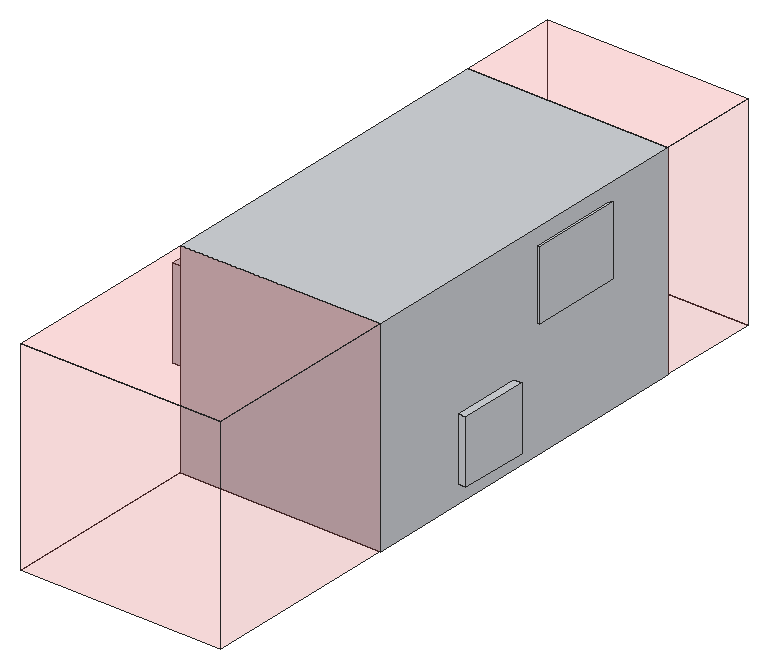
Revit family
Parameters (values of type "575 V Three Phase")
  Weight Scheduled [instance] = 2115  # constant formula
  Voltage Workaround = Voltage / 1 V  # 575
  Voltage Scheduled = Voltage  # 575 V
  Voltage = 575 V
  VoltAmps Workaround [instance] = Voltage Workaround * Total FLA * sqrt(Phase)  # 0
  VoltAmps [instance] = VoltAmps Workaround * 1 VA  # 0 VA
  VFD [instance] = yes
  URL = "http://www.renewaire.com/products/commercial-products/indoor-models/le6xinv"
  Total FLA [instance] = if(or(Supply Motor BHP = 0, Exhaust Motor BHP = 0), 0, (Supply Motor FLA * Supply Motor Count) + (Exhaust Motor FLA * Exhaust Motor Count))  # 0
  Supply Motor RPM Scheduled [instance] = Supply Motor RPM  # 0
  Supply Motor RPM [instance] = if(and(or(Supply ESP = 0, Supply ESP > 0), Supply ESP < 0.25), if(Supply Motor HP = 3, if(Supply CFM > 5050 CFM, 0, if(Supply CFM > 4740 CFM, 837, if(Supply CFM > 4470 CFM, 796, if(Supply CFM > 4230 CFM, 755, if(Supply CFM > 4040 CFM, 714, if(Supply CFM > 3890 CFM, 673, 632)))))), if(Supply Motor HP = 5, if(Supply CFM > 5900 CFM, 0, if(Supply CFM > 5540 CFM, 940, if(Supply CFM > 5210 CFM, 898, if(Supply CFM > 4880 CFM, 857, if(Supply CFM > 4590 CFM, 815, 773))))), if(Supply Motor HP = 7.5, if(Supply CFM > 6600 CFM, 0, if(Supply CFM > 6420 CFM, 1041, 1000)), 0))), if(and(or(Supply ESP = 0.25, Supply ESP > 0.25), Supply ESP < 0.5), if(Supply Motor HP = 3, if(Supply CFM > 4740 CFM, 0, if(Supply CFM > 4420 CFM, 837, if(Supply CFM > 4130 CFM, 796, if(Supply CFM > 3890 CFM, 755, if(Supply CFM > 3700 CFM, 714, if(Supply CFM > 3560 CFM, 673, 632)))))), if(Supply Motor HP = 5, if(Supply CFM > 6020 CFM, 0, if(Supply CFM > 5640 CFM, 982, if(Supply CFM > 5270 CFM, 940, if(Supply CFM > 4910 CFM, 898, if(Supply CFM > 4570 CFM, 857, if(Supply CFM > 4250 CFM, 815, 773)))))), if(Supply Motor HP = 7.5, if(Supply CFM > 6560 CFM, 0, if(Supply CFM > 6180 CFM, 1041, 1000)), 0))), if(and(or(Supply ESP = 0.5, Supply ESP > 0.5), Supply ESP < 0.75), if(Supply Motor HP = 3, if(Supply CFM > 4340 CFM, 0, if(Supply CFM > 3970 CFM, 837, if(Supply CFM > 3650 CFM, 796, if(Supply CFM > 3370 CFM, 755, if(Supply CFM > 3160 CFM, 714, if(Supply CFM > 3000 CFM, 673, 632)))))), if(Supply Motor HP = 5, if(Supply CFM > 5730 CFM, 0, if(Supply CFM > 5330 CFM, 982, if(Supply CFM > 4920 CFM, 940, if(Supply CFM > 4530 CFM, 898, if(Supply CFM > 4140 CFM, 857, if(Supply CFM > 3780 CFM, 815, 773)))))), if(Supply Motor HP = 7.5, if(Supply CFM > 6600 CFM, 0, if(Supply CFM > 6280 CFM, 1082, if(Supply CFM > 5890 CFM, 1041, 1000))), 0))), if(and(or(Supply ESP = 0.75, Supply ESP > 0.75), Supply ESP < 1), if(Supply Motor HP = 3, if(Supply CFM > 3700 CFM, 0, if(Supply CFM > 3150 CFM, 837, if(Supply CFM > 2490 CFM, 796, 755))), if(Supply Motor HP = 5, if(Supply CFM > 5370 CFM, 0, if(Supply CFM > 4930 CFM, 982, if(Supply CFM > 4450 CFM, 940, if(Supply CFM > 3950 CFM, 898, if(Supply CFM > 3410 CFM, 857, if(Supply CFM > 2810 CFM, 815, 773)))))), if(Supply Motor HP = 7.5, if(Supply CFM > 6600 CFM, 0, if(Supply CFM > 6350 CFM, 1122, if(Supply CFM > 5950 CFM, 1082, if(Supply CFM > 5550 CFM, 1041, 1000)))), 0))), if(and(or(Supply ESP = 1, Supply ESP > 1), Supply ESP < 1.25), if(Supply Motor HP = 3, if(Supply CFM > 2160 CFM, 837, 0), if(Supply Motor HP = 5, if(Supply CFM > 4900 CFM, 0, if(Supply CFM > 4340 CFM, 982, if(Supply CFM > 3600 CFM, 940, if(Supply CFM > 2610 CFM, 898, if(Supply CFM > 1780 CFM, 857, 815))))), if(Supply Motor HP = 7.5, if(Supply CFM > 6600 CFM, 0, if(Supply CFM > 6350 CFM, 1163, if(Supply CFM > 5970 CFM, 1122, if(Supply CFM > 5560 CFM, 1082, if(Supply CFM > 5120 CFM, 1041, 1000))))), 0))), if(and(or(Supply ESP = 1.25, Supply ESP > 1.25), Supply ESP < 1.5), if(Supply Motor HP = 5, if(Supply CFM > 4160 CFM, 0, if(Supply CFM > 3000 CFM, 982, if(Supply CFM > 1910 CFM, 940, 898))), if(Supply Motor HP = 7.5, if(Supply CFM > 6600 CFM, 0, if(Supply CFM > 6280 CFM, 1204, if(Supply CFM > 5900 CFM, 1163, if(Supply CFM > 5510 CFM, 1122, if(Supply CFM > 5050 CFM, 1082, if(Supply CFM > 4480 CFM, 1041, 1000)))))), 0)), if(and(or(Supply ESP = 1.5, Supply ESP > 1.5), Supply ESP < 1.75), if(Supply Motor HP = 5, if(Supply CFM > 2380 CFM, 0, if(Supply CFM > 1550 CFM, 982, 940)), if(Supply Motor HP = 7.5, if(Supply CFM > 6050 CFM, 0, if(Supply CFM > 5750 CFM, 1204, if(Supply CFM > 5380 CFM, 1163, if(Supply CFM > 4930 CFM, 1122, if(Supply CFM > 4290 CFM, 1082, if(Supply CFM > 3100 CFM, 1041, 1000)))))), 0)), if(and(or(Supply ESP = 1.75, Supply ESP > 1.75), Supply ESP < 2), if(Supply Motor HP = 7.5, if(Supply CFM > 5510 CFM, 0, if(Supply CFM > 5190 CFM, 1204, if(Supply CFM > 4750 CFM, 1163, if(Supply CFM > 4090 CFM, 1122, if(Supply CFM > 2620 CFM, 1082, if(Supply CFM > 1840 CFM, 1041, 1000)))))), 0), if(Supply ESP = 2, if(Supply Motor HP = 7.5, if(Supply CFM > 4970 CFM, 0, if(Supply CFM > 4570 CFM, 1204, if(Supply CFM > 3890 CFM, 1163, if(Supply CFM > 2220 CFM, 1122, if(Supply CFM > 1020 CFM, 1082, 1000))))), 0), 0)))))))))  # 0
  Supply Motor HP Scheduled [instance] = Supply Motor HP  # 0
  Supply Motor HP [instance] = 0
  Supply Motor FLA [instance] = if(VFD, if(Supply Motor BHP = 0, 0, if(Supply Motor HP = 3, if(and(or(Voltage = 208 V, Voltage = 230 V), Phase = 1), 9.38, if(and(or(Voltage = 208 V, Voltage = 230 V), Phase = 3), 9.38, if(and(Voltage = 460 V, Phase = 3), 4.24, if(and(Voltage = 575 V, Phase = 3), 3.3, 0)))), if(Supply Motor HP = 5, if(and(or(Voltage = 208 V, Voltage = 230 V), Phase = 3), 14.5, if(and(Voltage = 460 V, Phase = 3), 6.7, if(and(Voltage = 575 V, Phase = 3), 5.3, 0))), if(Supply Motor HP = 7.5, if(and(or(Voltage = 208 V, Voltage = 230 V), Phase = 3), 21, if(and(Voltage = 460 V, Phase = 3), 9.4, if(and(Voltage = 575 V, Phase = 3), 7.6, 0))), 0)))), if(Supply Motor BHP = 0, 0, if(Supply Motor HP = 3, if(and(or(Voltage = 208 V, Voltage = 230 V), Phase = 1), 14.7, if(and(or(Voltage = 208 V, Voltage = 230 V), Phase = 3), 9.38, if(and(Voltage = 460 V, Phase = 3), 4.24, if(and(Voltage = 575 V, Phase = 3), 3.3, 0)))), if(Supply Motor HP = 5, if(and(or(Voltage = 208 V, Voltage = 230 V), Phase = 3), 14.5, if(and(Voltage = 460 V, Phase = 3), 6.7, if(and(Voltage = 575 V, Phase = 3), 5.3, 0))), if(Supply Motor HP = 7.5, if(and(or(Voltage = 208 V, Voltage = 230 V), Phase = 3), 21, if(and(Voltage = 460 V, Phase = 3), 9.4, if(and(Voltage = 575 V, Phase = 3), 7.6, 0))), 0)))))  # 0
  Supply Motor Count Scheduled [instance] = Supply Motor Count  # 1
  Supply Motor Count [instance] = 1  # constant formula
  Supply Motor BHP [instance] = if(and(or(Supply ESP = 0, Supply ESP > 0), Supply ESP < 0.25), if(Supply Motor HP = 3, if(Supply CFM > 5050 CFM, 0, if(Supply CFM > 4740 CFM, 2.9, if(Supply CFM > 4470 CFM, 2.5, if(Supply CFM > 4230 CFM, 2.1, if(Supply CFM > 4040 CFM, 1.8, if(Supply CFM > 3890 CFM, 1.5, 1.4)))))), if(Supply Motor HP = 5, if(Supply CFM > 5900 CFM, 0, if(Supply CFM > 5540 CFM, 4.3, if(Supply CFM > 5210 CFM, 3.7, if(Supply CFM > 4880 CFM, 3.1, if(Supply CFM > 4590 CFM, 2.6, 2.2))))), if(Supply Motor HP = 7.5, if(Supply CFM > 6600 CFM, 0, if(Supply CFM > 6420 CFM, 5.9, 5.4)), 0))), if(and(or(Supply ESP = 0.25, Supply ESP > 0.25), Supply ESP < 0.5), if(Supply Motor HP = 3, if(Supply CFM > 4740 CFM, 0, if(Supply CFM > 4420 CFM, 2.6, if(Supply CFM > 4130 CFM, 2.2, if(Supply CFM > 3890 CFM, 1.9, if(Supply CFM > 3700 CFM, 1.6, if(Supply CFM > 3560 CFM, 1.4, 1.3)))))), if(Supply Motor HP = 5, if(Supply CFM > 6020 CFM, 0, if(Supply CFM > 5640 CFM, 4.7, if(Supply CFM > 5270 CFM, 4, if(Supply CFM > 4910 CFM, 3.4, if(Supply CFM > 4570 CFM, 2.9, if(Supply CFM > 4250 CFM, 2.4, 2)))))), if(Supply Motor HP = 7.5, if(Supply CFM > 6560 CFM, 0, if(Supply CFM > 6180 CFM, 5.8, 5)), 0))), if(and(or(Supply ESP = 0.5, Supply ESP > 0.5), Supply ESP < 0.75), if(Supply Motor HP = 3, if(Supply CFM > 4340 CFM, 0, if(Supply CFM > 3970 CFM, 2.3, if(Supply CFM > 3650 CFM, 1.9, if(Supply CFM > 3370 CFM, 1.6, if(Supply CFM > 3160 CFM, 1.4, if(Supply CFM > 3000 CFM, 1.2, 1.1)))))), if(Supply Motor HP = 5, if(Supply CFM > 5730 CFM, 0, if(Supply CFM > 5330 CFM, 4.4, if(Supply CFM > 4920 CFM, 3.7, if(Supply CFM > 4530 CFM, 3.1, if(Supply CFM > 4140 CFM, 2.6, if(Supply CFM > 3780 CFM, 2.1, 1.8)))))), if(Supply Motor HP = 7.5, if(Supply CFM > 6600 CFM, 0, if(Supply CFM > 6280 CFM, 6.2, if(Supply CFM > 5890 CFM, 5.4, 4.7))), 0))), if(and(or(Supply ESP = 0.75, Supply ESP > 0.75), Supply ESP < 1), if(Supply Motor HP = 3, if(Supply CFM > 3700 CFM, 0, if(Supply CFM > 3150 CFM, 1.9, if(Supply CFM > 2490 CFM, 1.5, 1.1))), if(Supply Motor HP = 5, if(Supply CFM > 5370 CFM, 0, if(Supply CFM > 4930 CFM, 3.9, if(Supply CFM > 4450 CFM, 3.3, if(Supply CFM > 3950 CFM, 2.7, if(Supply CFM > 3410 CFM, 2.1, if(Supply CFM > 2810 CFM, 1.7, 1.3)))))), if(Supply Motor HP = 7.5, if(Supply CFM > 6600 CFM, 0, if(Supply CFM > 6350 CFM, 6.6, if(Supply CFM > 5950 CFM, 5.7, if(Supply CFM > 5550 CFM, 5, 4.2)))), 0))), if(and(or(Supply ESP = 1, Supply ESP > 1), Supply ESP < 1.25), if(Supply Motor HP = 3, if(Supply CFM > 2160 CFM, 1.2, 0), if(Supply Motor HP = 5, if(Supply CFM > 4900 CFM, 0, if(Supply CFM > 4340 CFM, 3.4, if(Supply CFM > 3600 CFM, 2.7, if(Supply CFM > 2610 CFM, 2, if(Supply CFM > 1780 CFM, 1.4, 1))))), if(Supply Motor HP = 7.5, if(Supply CFM > 6600 CFM, 0, if(Supply CFM > 6350 CFM, 6.8, if(Supply CFM > 5970 CFM, 5.9, if(Supply CFM > 5560 CFM, 5.2, if(Supply CFM > 5120 CFM, 4.5, 3.8))))), 0))), if(and(or(Supply ESP = 1.25, Supply ESP > 1.25), Supply ESP < 1.5), if(Supply Motor HP = 5, if(Supply CFM > 4160 CFM, 0, if(Supply CFM > 3000 CFM, 2.8, if(Supply CFM > 1910 CFM, 1.8, 1.2))), if(Supply Motor HP = 7.5, if(Supply CFM > 6600 CFM, 0, if(Supply CFM > 6280 CFM, 6.8, if(Supply CFM > 5900 CFM, 6, if(Supply CFM > 5510 CFM, 5.3, if(Supply CFM > 5050 CFM, 4.6, if(Supply CFM > 4480 CFM, 3.9, 3.1)))))), 0)), if(and(or(Supply ESP = 1.5, Supply ESP > 1.5), Supply ESP < 1.75), if(Supply Motor HP = 5, if(Supply CFM > 2380 CFM, 0, if(Supply CFM > 1550 CFM, 1.6, 1.2)), if(Supply Motor HP = 7.5, if(Supply CFM > 6050 CFM, 0, if(Supply CFM > 5750 CFM, 5.9, if(Supply CFM > 5380 CFM, 5.3, if(Supply CFM > 4930 CFM, 4.6, if(Supply CFM > 4290 CFM, 3.9, if(Supply CFM > 3100 CFM, 3.1, 2.1)))))), 0)), if(and(or(Supply ESP = 1.75, Supply ESP > 1.75), Supply ESP < 2), if(Supply Motor HP = 7.5, if(Supply CFM > 5510 CFM, 0, if(Supply CFM > 5190 CFM, 5.1, if(Supply CFM > 4750 CFM, 4.5, if(Supply CFM > 4090 CFM, 3.9, if(Supply CFM > 2620 CFM, 3.1, if(Supply CFM > 1840 CFM, 1.9, 1.5)))))), 0), if(Supply ESP = 2, if(Supply Motor HP = 7.5, if(Supply CFM > 4970 CFM, 0, if(Supply CFM > 4570 CFM, 4.5, if(Supply CFM > 3890 CFM, 3.9, if(Supply CFM > 2220 CFM, 3.1, if(Supply CFM > 1020 CFM, 1.9, 1.5))))), 0), 0)))))))))  # 0
  Supply ESP Scheduled [instance] = Supply ESP  # 0
  Supply ESP [instance] = 0
  Supply CFM Scheduled [instance] = Supply CFM  # 0 CFM
  Supply CFM [instance] = 0 CFM
  Supply Air Winter RH Scheduled [instance] = 0
  Supply Air Winter DB Scheduled [instance] = 0
  Supply Air Summer RH Scheduled [instance] = 0
  Supply Air Summer DB Scheduled [instance] = 0
  Phase Scheduled = Phase  # 3
  Phase = 3
  Outside Air Winter RH Scheduled [instance] = 0
  Outside Air Winter DB Scheduled [instance] = 0
  Outside Air Summer RH Scheduled [instance] = 0
  Outside Air Summer DB Scheduled [instance] = 0
  Number of Poles = 3
  Model = "LE6XINV"
  Manufacturer = "RenewAire"
  MOCP Scheduled [instance] = MOCP  # 0
  MOCP [instance] = if(Total FLA = 0, 0, if(VFD, if(and(or(Voltage = 208 V, Voltage = 230 V), Phase = 1), if(and(Supply Motor HP = 3, Exhaust Motor HP = 3), 45, 0), if(and(or(Voltage = 208 V, Voltage = 230 V), Phase = 3), if(and(Supply Motor HP = 3, Exhaust Motor HP = 3), 25, if(and(Supply Motor HP = 3, Exhaust Motor HP = 5), 40, if(and(Supply Motor HP = 3, Exhaust Motor HP = 7.5), 50, if(and(Supply Motor HP = 5, Exhaust Motor HP = 3), 40, if(and(Supply Motor HP = 5, Exhaust Motor HP = 5), 45, if(and(Supply Motor HP = 5, Exhaust Motor HP = 7.5), 60, if(and(Supply Motor HP = 7.5, Exhaust Motor HP = 3), 50, if(and(Supply Motor HP = 7.5, Exhaust Motor HP = 5), 60, if(and(Supply Motor HP = 7.5, Exhaust Motor HP = 7.5), 60, 0))))))))), if(and(Voltage = 460 V, Phase = 3), if(and(Supply Motor HP = 3, Exhaust Motor HP = 3), 15, if(and(Supply Motor HP = 3, Exhaust Motor HP = 5), 15, if(and(Supply Motor HP = 3, Exhaust Motor HP = 7.5), 20, if(and(Supply Motor HP = 5, Exhaust Motor HP = 3), 15, if(and(Supply Motor HP = 5, Exhaust Motor HP = 5), 20, if(and(Supply Motor HP = 5, Exhaust Motor HP = 7.5), 25, if(and(Supply Motor HP = 7.5, Exhaust Motor HP = 3), 20, if(and(Supply Motor HP = 7.5, Exhaust Motor HP = 5), 25, if(and(Supply Motor HP = 7.5, Exhaust Motor HP = 7.5), 30, 0))))))))), if(and(Voltage = 575 V, Phase = 3), if(and(Supply Motor HP = 3, Exhaust Motor HP = 3), 15, if(and(Supply Motor HP = 3, Exhaust Motor HP = 5), 15, if(and(Supply Motor HP = 3, Exhaust Motor HP = 7.5), 20, if(and(Supply Motor HP = 5, Exhaust Motor HP = 3), 15, if(and(Supply Motor HP = 5, Exhaust Motor HP = 5), 15, if(and(Supply Motor HP = 5, Exhaust Motor HP = 7.5), 20, if(and(Supply Motor HP = 7.5, Exhaust Motor HP = 3), 20, if(and(Supply Motor HP = 7.5, Exhaust Motor HP = 5), 20, if(and(Supply Motor HP = 7.5, Exhaust Motor HP = 7.5), 20, 0))))))))), 0)))), if(and(or(Voltage = 208 V, Voltage = 230 V), Phase = 1), if(and(Supply Motor HP = 3, Exhaust Motor HP = 3), 40, 0), if(and(or(Voltage = 208 V, Voltage = 230 V), Phase = 3), if(and(Supply Motor HP = 3, Exhaust Motor HP = 3), 25, if(and(Supply Motor HP = 3, Exhaust Motor HP = 5), 40, if(and(Supply Motor HP = 3, Exhaust Motor HP = 7.5), 50, if(and(Supply Motor HP = 5, Exhaust Motor HP = 3), 40, if(and(Supply Motor HP = 5, Exhaust Motor HP = 5), 45, if(and(Supply Motor HP = 5, Exhaust Motor HP = 7.5), 60, if(and(Supply Motor HP = 7.5, Exhaust Motor HP = 3), 50, if(and(Supply Motor HP = 7.5, Exhaust Motor HP = 5), 60, if(and(Supply Motor HP = 7.5, Exhaust Motor HP = 7.5), 60, 0))))))))), if(and(Voltage = 460 V, Phase = 3), if(and(Supply Motor HP = 3, Exhaust Motor HP = 3), 15, if(and(Supply Motor HP = 3, Exhaust Motor HP = 5), 15, if(and(Supply Motor HP = 3, Exhaust Motor HP = 7.5), 20, if(and(Supply Motor HP = 5, Exhaust Motor HP = 3), 15, if(and(Supply Motor HP = 5, Exhaust Motor HP = 5), 20, if(and(Supply Motor HP = 5, Exhaust Motor HP = 7.5), 25, if(and(Supply Motor HP = 7.5, Exhaust Motor HP = 3), 20, if(and(Supply Motor HP = 7.5, Exhaust Motor HP = 5), 25, if(and(Supply Motor HP = 7.5, Exhaust Motor HP = 7.5), 30, 0))))))))), if(and(Voltage = 575 V, Phase = 3), if(and(Supply Motor HP = 3, Exhaust Motor HP = 3), 15, if(and(Supply Motor HP = 3, Exhaust Motor HP = 5), 15, if(and(Supply Motor HP = 3, Exhaust Motor HP = 7.5), 20, if(and(Supply Motor HP = 5, Exhaust Motor HP = 3), 15, if(and(Supply Motor HP = 5, Exhaust Motor HP = 5), 15, if(and(Supply Motor HP = 5, Exhaust Motor HP = 7.5), 20, if(and(Supply Motor HP = 7.5, Exhaust Motor HP = 3), 20, if(and(Supply Motor HP = 7.5, Exhaust Motor HP = 5), 20, if(and(Supply Motor HP = 7.5, Exhaust Motor HP = 7.5), 20, 0))))))))), 0))))))  # 0
  MCA Scheduled [instance] = MCA  # 0
  MCA [instance] = if(Total FLA = 0, 0, if(VFD, if(and(or(Voltage = 208 V, Voltage = 230 V), Phase = 1), if(and(Supply Motor HP = 3, Exhaust Motor HP = 3), 40.2, 0), if(and(or(Voltage = 208 V, Voltage = 230 V), Phase = 3), if(and(Supply Motor HP = 3, Exhaust Motor HP = 3), 23.2, if(and(Supply Motor HP = 3, Exhaust Motor HP = 5), 30.3, if(and(Supply Motor HP = 3, Exhaust Motor HP = 7.5), 36.2, if(and(Supply Motor HP = 5, Exhaust Motor HP = 3), 30.3, if(and(Supply Motor HP = 5, Exhaust Motor HP = 5), 35.9, if(and(Supply Motor HP = 5, Exhaust Motor HP = 7.5), 44.8, if(and(Supply Motor HP = 7.5, Exhaust Motor HP = 3), 39.2, if(and(Supply Motor HP = 7.5, Exhaust Motor HP = 5), 44.8, if(and(Supply Motor HP = 7.5, Exhaust Motor HP = 7.5), 52, 0))))))))), if(and(Voltage = 460 V, Phase = 3), if(and(Supply Motor HP = 3, Exhaust Motor HP = 3), 10.5, if(and(Supply Motor HP = 3, Exhaust Motor HP = 5), 13.9, if(and(Supply Motor HP = 3, Exhaust Motor HP = 7.5), 17.6, if(and(Supply Motor HP = 5, Exhaust Motor HP = 3), 13.9, if(and(Supply Motor HP = 5, Exhaust Motor HP = 5), 16.6, if(and(Supply Motor HP = 5, Exhaust Motor HP = 7.5), 20.3, if(and(Supply Motor HP = 7.5, Exhaust Motor HP = 3), 17.6, if(and(Supply Motor HP = 7.5, Exhaust Motor HP = 5), 20.3, if(and(Supply Motor HP = 7.5, Exhaust Motor HP = 7.5), 23.3, 0))))))))), if(and(Voltage = 575 V, Phase = 3), if(and(Supply Motor HP = 3, Exhaust Motor HP = 3), 8.2, if(and(Supply Motor HP = 3, Exhaust Motor HP = 5), 10.9, if(and(Supply Motor HP = 3, Exhaust Motor HP = 7.5), 14.1, if(and(Supply Motor HP = 5, Exhaust Motor HP = 3), 10.9, if(and(Supply Motor HP = 5, Exhaust Motor HP = 5), 13.1, if(and(Supply Motor HP = 5, Exhaust Motor HP = 7.5), 16.3, if(and(Supply Motor HP = 7.5, Exhaust Motor HP = 3), 14.1, if(and(Supply Motor HP = 7.5, Exhaust Motor HP = 5), 16.3, if(and(Supply Motor HP = 7.5, Exhaust Motor HP = 7.5), 18.8, 0))))))))), 0)))), if(and(or(Voltage = 208 V, Voltage = 230 V), Phase = 1), if(and(Supply Motor HP = 3, Exhaust Motor HP = 3), 33.1, 0), if(and(or(Voltage = 208 V, Voltage = 230 V), Phase = 3), if(and(Supply Motor HP = 3, Exhaust Motor HP = 3), 21.1, if(and(Supply Motor HP = 3, Exhaust Motor HP = 5), 27.5, if(and(Supply Motor HP = 3, Exhaust Motor HP = 7.5), 35.6, if(and(Supply Motor HP = 5, Exhaust Motor HP = 3), 27.5, if(and(Supply Motor HP = 5, Exhaust Motor HP = 5), 32.6, if(and(Supply Motor HP = 5, Exhaust Motor HP = 7.5), 40.8, if(and(Supply Motor HP = 7.5, Exhaust Motor HP = 3), 35.6, if(and(Supply Motor HP = 7.5, Exhaust Motor HP = 5), 40.8, if(and(Supply Motor HP = 7.5, Exhaust Motor HP = 7.5), 47.3, 0))))))))), if(and(Voltage = 460 V, Phase = 3), if(and(Supply Motor HP = 3, Exhaust Motor HP = 3), 9.5, if(and(Supply Motor HP = 3, Exhaust Motor HP = 5), 12.6, if(and(Supply Motor HP = 3, Exhaust Motor HP = 7.5), 16, if(and(Supply Motor HP = 5, Exhaust Motor HP = 3), 12.6, if(and(Supply Motor HP = 5, Exhaust Motor HP = 5), 15.1, if(and(Supply Motor HP = 5, Exhaust Motor HP = 7.5), 18.5, if(and(Supply Motor HP = 7.5, Exhaust Motor HP = 3), 16, if(and(Supply Motor HP = 7.5, Exhaust Motor HP = 5), 18.5, if(and(Supply Motor HP = 7.5, Exhaust Motor HP = 7.5), 21.2, 0))))))))), if(and(Voltage = 575 V, Phase = 3), if(and(Supply Motor HP = 3, Exhaust Motor HP = 3), 7.4, if(and(Supply Motor HP = 3, Exhaust Motor HP = 5), 9.9, if(and(Supply Motor HP = 3, Exhaust Motor HP = 7.5), 12.8, if(and(Supply Motor HP = 5, Exhaust Motor HP = 3), 9.9, if(and(Supply Motor HP = 5, Exhaust Motor HP = 5), 11.9, if(and(Supply Motor HP = 5, Exhaust Motor HP = 7.5), 14.8, if(and(Supply Motor HP = 7.5, Exhaust Motor HP = 3), 12.8, if(and(Supply Motor HP = 7.5, Exhaust Motor HP = 5), 14.8, if(and(Supply Motor HP = 7.5, Exhaust Motor HP = 7.5), 17.1, 0))))))))), 0))))))  # 0
  FLA Scheduled [instance] = Total FLA  # 0
  Exhaust RH Scheduled [instance] = 0
  Exhaust Motor RPM Scheduled [instance] = Exhaust Motor RPM  # 0
  Exhaust Motor RPM [instance] = if(and(or(Exhaust ESP = 0, Exhaust ESP > 0), Exhaust ESP < 0.25), if(Exhaust Motor HP = 3, if(Exhaust CFM > 5050 CFM, 0, if(Exhaust CFM > 4740 CFM, 837, if(Exhaust CFM > 4470 CFM, 796, if(Exhaust CFM > 4230 CFM, 755, if(Exhaust CFM > 4040 CFM, 714, if(Exhaust CFM > 3890 CFM, 673, 632)))))), if(Exhaust Motor HP = 5, if(Exhaust CFM > 5900 CFM, 0, if(Exhaust CFM > 5540 CFM, 940, if(Exhaust CFM > 5210 CFM, 898, if(Exhaust CFM > 4880 CFM, 857, if(Exhaust CFM > 4590 CFM, 815, 773))))), if(Exhaust Motor HP = 7.5, if(Exhaust CFM > 6600 CFM, 0, if(Exhaust CFM > 6420 CFM, 1041, 1000)), 0))), if(and(or(Exhaust ESP = 0.25, Exhaust ESP > 0.25), Exhaust ESP < 0.5), if(Exhaust Motor HP = 3, if(Exhaust CFM > 4740 CFM, 0, if(Exhaust CFM > 4420 CFM, 837, if(Exhaust CFM > 4130 CFM, 796, if(Exhaust CFM > 3890 CFM, 755, if(Exhaust CFM > 3700 CFM, 714, if(Exhaust CFM > 3560 CFM, 673, 632)))))), if(Exhaust Motor HP = 5, if(Exhaust CFM > 6020 CFM, 0, if(Exhaust CFM > 5640 CFM, 982, if(Exhaust CFM > 5270 CFM, 940, if(Exhaust CFM > 4910 CFM, 898, if(Exhaust CFM > 4570 CFM, 857, if(Exhaust CFM > 4250 CFM, 815, 773)))))), if(Exhaust Motor HP = 7.5, if(Exhaust CFM > 6560 CFM, 0, if(Exhaust CFM > 6180 CFM, 1041, 1000)), 0))), if(and(or(Exhaust ESP = 0.5, Exhaust ESP > 0.5), Exhaust ESP < 0.75), if(Exhaust Motor HP = 3, if(Exhaust CFM > 4340 CFM, 0, if(Exhaust CFM > 3970 CFM, 837, if(Exhaust CFM > 3650 CFM, 796, if(Exhaust CFM > 3370 CFM, 755, if(Exhaust CFM > 3160 CFM, 714, if(Exhaust CFM > 3000 CFM, 673, 632)))))), if(Exhaust Motor HP = 5, if(Exhaust CFM > 5730 CFM, 0, if(Exhaust CFM > 5330 CFM, 982, if(Exhaust CFM > 4920 CFM, 940, if(Exhaust CFM > 4530 CFM, 898, if(Exhaust CFM > 4140 CFM, 857, if(Exhaust CFM > 3780 CFM, 815, 773)))))), if(Exhaust Motor HP = 7.5, if(Exhaust CFM > 6600 CFM, 0, if(Exhaust CFM > 6280 CFM, 1082, if(Exhaust CFM > 5890 CFM, 1041, 1000))), 0))), if(and(or(Exhaust ESP = 0.75, Exhaust ESP > 0.75), Exhaust ESP < 1), if(Exhaust Motor HP = 3, if(Exhaust CFM > 3700 CFM, 0, if(Exhaust CFM > 3150 CFM, 837, if(Exhaust CFM > 2490 CFM, 796, 755))), if(Exhaust Motor HP = 5, if(Exhaust CFM > 5370 CFM, 0, if(Exhaust CFM > 4930 CFM, 982, if(Exhaust CFM > 4450 CFM, 940, if(Exhaust CFM > 3950 CFM, 898, if(Exhaust CFM > 3410 CFM, 857, if(Exhaust CFM > 2810 CFM, 815, 773)))))), if(Exhaust Motor HP = 7.5, if(Exhaust CFM > 6600 CFM, 0, if(Exhaust CFM > 6350 CFM, 1122, if(Exhaust CFM > 5950 CFM, 1082, if(Exhaust CFM > 5550 CFM, 1041, 1000)))), 0))), if(and(or(Exhaust ESP = 1, Exhaust ESP > 1), Exhaust ESP < 1.25), if(Exhaust Motor HP = 3, if(Exhaust CFM > 2160 CFM, 837, 0), if(Exhaust Motor HP = 5, if(Exhaust CFM > 4900 CFM, 0, if(Exhaust CFM > 4340 CFM, 982, if(Exhaust CFM > 3600 CFM, 940, if(Exhaust CFM > 2610 CFM, 898, if(Exhaust CFM > 1780 CFM, 857, 815))))), if(Exhaust Motor HP = 7.5, if(Exhaust CFM > 6600 CFM, 0, if(Exhaust CFM > 6350 CFM, 1163, if(Exhaust CFM > 5970 CFM, 1122, if(Exhaust CFM > 5560 CFM, 1082, if(Exhaust CFM > 5120 CFM, 1041, 1000))))), 0))), if(and(or(Exhaust ESP = 1.25, Exhaust ESP > 1.25), Exhaust ESP < 1.5), if(Exhaust Motor HP = 5, if(Exhaust CFM > 4160 CFM, 0, if(Exhaust CFM > 3000 CFM, 982, if(Exhaust CFM > 1910 CFM, 940, 898))), if(Exhaust Motor HP = 7.5, if(Exhaust CFM > 6600 CFM, 0, if(Exhaust CFM > 6280 CFM, 1204, if(Exhaust CFM > 5900 CFM, 1163, if(Exhaust CFM > 5510 CFM, 1122, if(Exhaust CFM > 5050 CFM, 1082, if(Exhaust CFM > 4480 CFM, 1041, 1000)))))), 0)), if(and(or(Exhaust ESP = 1.5, Exhaust ESP > 1.5), Exhaust ESP < 1.75), if(Exhaust Motor HP = 5, if(Exhaust CFM > 2380 CFM, 0, if(Exhaust CFM > 1550 CFM, 982, 940)), if(Exhaust Motor HP = 7.5, if(Exhaust CFM > 6050 CFM, 0, if(Exhaust CFM > 5750 CFM, 1204, if(Exhaust CFM > 5380 CFM, 1163, if(Exhaust CFM > 4930 CFM, 1122, if(Exhaust CFM > 4290 CFM, 1082, if(Exhaust CFM > 3100 CFM, 1041, 1000)))))), 0)), if(and(or(Exhaust ESP = 1.75, Exhaust ESP > 1.75), Exhaust ESP < 2), if(Exhaust Motor HP = 7.5, if(Exhaust CFM > 5510 CFM, 0, if(Exhaust CFM > 5190 CFM, 1204, if(Exhaust CFM > 4750 CFM, 1163, if(Exhaust CFM > 4090 CFM, 1122, if(Exhaust CFM > 2620 CFM, 1082, if(Exhaust CFM > 1840 CFM, 1041, 1000)))))), 0), if(Exhaust ESP = 2, if(Exhaust Motor HP = 7.5, if(Exhaust CFM > 4970 CFM, 0, if(Exhaust CFM > 4570 CFM, 1204, if(Exhaust CFM > 3890 CFM, 1163, if(Exhaust CFM > 2220 CFM, 1122, if(Exhaust CFM > 1020 CFM, 1082, 1000))))), 0), 0)))))))))  # 0
  Exhaust Motor HP Scheduled [instance] = Exhaust Motor HP  # 0
  Exhaust Motor HP [instance] = 0
  Exhaust Motor FLA [instance] = if(VFD, if(Exhaust Motor BHP = 0, 0, if(Exhaust Motor HP = 3, if(and(or(Voltage = 208 V, Voltage = 230 V), Phase = 1), 9.38, if(and(or(Voltage = 208 V, Voltage = 230 V), Phase = 3), 9.38, if(and(Voltage = 460 V, Phase = 3), 4.24, if(and(Voltage = 575 V, Phase = 3), 3.3, 0)))), if(Exhaust Motor HP = 5, if(and(or(Voltage = 208 V, Voltage = 230 V), Phase = 3), 14.5, if(and(Voltage = 460 V, Phase = 3), 6.7, if(and(Voltage = 575 V, Phase = 3), 5.3, 0))), if(Exhaust Motor HP = 7.5, if(and(or(Voltage = 208 V, Voltage = 230 V), Phase = 3), 21, if(and(Voltage = 460 V, Phase = 3), 9.4, if(and(Voltage = 575 V, Phase = 3), 7.6, 0))), 0)))), if(Exhaust Motor BHP = 0, 0, if(Exhaust Motor HP = 3, if(and(or(Voltage = 208 V, Voltage = 230 V), Phase = 1), 14.7, if(and(or(Voltage = 208 V, Voltage = 230 V), Phase = 3), 9.38, if(and(Voltage = 460 V, Phase = 3), 4.24, if(and(Voltage = 575 V, Phase = 3), 3.3, 0)))), if(Exhaust Motor HP = 5, if(and(or(Voltage = 208 V, Voltage = 230 V), Phase = 3), 14.5, if(and(Voltage = 460 V, Phase = 3), 6.7, if(and(Voltage = 575 V, Phase = 3), 5.3, 0))), if(Exhaust Motor HP = 7.5, if(and(or(Voltage = 208 V, Voltage = 230 V), Phase = 3), 21, if(and(Voltage = 460 V, Phase = 3), 9.4, if(and(Voltage = 575 V, Phase = 3), 7.6, 0))), 0)))))  # 0
  Exhaust Motor Count Scheduled [instance] = Exhaust Motor Count  # 1
  Exhaust Motor Count [instance] = 1  # constant formula
  Exhaust Motor BHP [instance] = if(and(or(Exhaust ESP = 0, Exhaust ESP > 0), Exhaust ESP < 0.25), if(Exhaust Motor HP = 3, if(Exhaust CFM > 5050 CFM, 0, if(Exhaust CFM > 4740 CFM, 2.9, if(Exhaust CFM > 4470 CFM, 2.5, if(Exhaust CFM > 4230 CFM, 2.1, if(Exhaust CFM > 4040 CFM, 1.8, if(Exhaust CFM > 3890 CFM, 1.5, 1.4)))))), if(Exhaust Motor HP = 5, if(Exhaust CFM > 5900 CFM, 0, if(Exhaust CFM > 5540 CFM, 4.3, if(Exhaust CFM > 5210 CFM, 3.7, if(Exhaust CFM > 4880 CFM, 3.1, if(Exhaust CFM > 4590 CFM, 2.6, 2.2))))), if(Exhaust Motor HP = 7.5, if(Exhaust CFM > 6600 CFM, 0, if(Exhaust CFM > 6420 CFM, 5.9, 5.4)), 0))), if(and(or(Exhaust ESP = 0.25, Exhaust ESP > 0.25), Exhaust ESP < 0.5), if(Exhaust Motor HP = 3, if(Exhaust CFM > 4740 CFM, 0, if(Exhaust CFM > 4420 CFM, 2.6, if(Exhaust CFM > 4130 CFM, 2.2, if(Exhaust CFM > 3890 CFM, 1.9, if(Exhaust CFM > 3700 CFM, 1.6, if(Exhaust CFM > 3560 CFM, 1.4, 1.3)))))), if(Exhaust Motor HP = 5, if(Exhaust CFM > 6020 CFM, 0, if(Exhaust CFM > 5640 CFM, 4.7, if(Exhaust CFM > 5270 CFM, 4, if(Exhaust CFM > 4910 CFM, 3.4, if(Exhaust CFM > 4570 CFM, 2.9, if(Exhaust CFM > 4250 CFM, 2.4, 2)))))), if(Exhaust Motor HP = 7.5, if(Exhaust CFM > 6560 CFM, 0, if(Exhaust CFM > 6180 CFM, 5.8, 5)), 0))), if(and(or(Exhaust ESP = 0.5, Exhaust ESP > 0.5), Exhaust ESP < 0.75), if(Exhaust Motor HP = 3, if(Exhaust CFM > 4340 CFM, 0, if(Exhaust CFM > 3970 CFM, 2.3, if(Exhaust CFM > 3650 CFM, 1.9, if(Exhaust CFM > 3370 CFM, 1.6, if(Exhaust CFM > 3160 CFM, 1.4, if(Exhaust CFM > 3000 CFM, 1.2, 1.1)))))), if(Exhaust Motor HP = 5, if(Exhaust CFM > 5730 CFM, 0, if(Exhaust CFM > 5330 CFM, 4.4, if(Exhaust CFM > 4920 CFM, 3.7, if(Exhaust CFM > 4530 CFM, 3.1, if(Exhaust CFM > 4140 CFM, 2.6, if(Exhaust CFM > 3780 CFM, 2.1, 1.8)))))), if(Exhaust Motor HP = 7.5, if(Exhaust CFM > 6600 CFM, 0, if(Exhaust CFM > 6280 CFM, 6.2, if(Exhaust CFM > 5890 CFM, 5.4, 4.7))), 0))), if(and(or(Exhaust ESP = 0.75, Exhaust ESP > 0.75), Exhaust ESP < 1), if(Exhaust Motor HP = 3, if(Exhaust CFM > 3700 CFM, 0, if(Exhaust CFM > 3150 CFM, 1.9, if(Exhaust CFM > 2490 CFM, 1.5, 1.1))), if(Exhaust Motor HP = 5, if(Exhaust CFM > 5370 CFM, 0, if(Exhaust CFM > 4930 CFM, 3.9, if(Exhaust CFM > 4450 CFM, 3.3, if(Exhaust CFM > 3950 CFM, 2.7, if(Exhaust CFM > 3410 CFM, 2.1, if(Exhaust CFM > 2810 CFM, 1.7, 1.3)))))), if(Exhaust Motor HP = 7.5, if(Exhaust CFM > 6600 CFM, 0, if(Exhaust CFM > 6350 CFM, 6.6, if(Exhaust CFM > 5950 CFM, 5.7, if(Exhaust CFM > 5550 CFM, 5, 4.2)))), 0))), if(and(or(Exhaust ESP = 1, Exhaust ESP > 1), Exhaust ESP < 1.25), if(Exhaust Motor HP = 3, if(Exhaust CFM > 2160 CFM, 1.2, 0), if(Exhaust Motor HP = 5, if(Exhaust CFM > 4900 CFM, 0, if(Exhaust CFM > 4340 CFM, 3.4, if(Exhaust CFM > 3600 CFM, 2.7, if(Exhaust CFM > 2610 CFM, 2, if(Exhaust CFM > 1780 CFM, 1.4, 1))))), if(Exhaust Motor HP = 7.5, if(Exhaust CFM > 6600 CFM, 0, if(Exhaust CFM > 6350 CFM, 6.8, if(Exhaust CFM > 5970 CFM, 5.9, if(Exhaust CFM > 5560 CFM, 5.2, if(Exhaust CFM > 5120 CFM, 4.5, 3.8))))), 0))), if(and(or(Exhaust ESP = 1.25, Exhaust ESP > 1.25), Exhaust ESP < 1.5), if(Exhaust Motor HP = 5, if(Exhaust CFM > 4160 CFM, 0, if(Exhaust CFM > 3000 CFM, 2.8, if(Exhaust CFM > 1910 CFM, 1.8, 1.2))), if(Exhaust Motor HP = 7.5, if(Exhaust CFM > 6600 CFM, 0, if(Exhaust CFM > 6280 CFM, 6.8, if(Exhaust CFM > 5900 CFM, 6, if(Exhaust CFM > 5510 CFM, 5.3, if(Exhaust CFM > 5050 CFM, 4.6, if(Exhaust CFM > 4480 CFM, 3.9, 3.1)))))), 0)), if(and(or(Exhaust ESP = 1.5, Exhaust ESP > 1.5), Exhaust ESP < 1.75), if(Exhaust Motor HP = 5, if(Exhaust CFM > 2380 CFM, 0, if(Exhaust CFM > 1550 CFM, 1.6, 1.2)), if(Exhaust Motor HP = 7.5, if(Exhaust CFM > 6050 CFM, 0, if(Exhaust CFM > 5750 CFM, 5.9, if(Exhaust CFM > 5380 CFM, 5.3, if(Exhaust CFM > 4930 CFM, 4.6, if(Exhaust CFM > 4290 CFM, 3.9, if(Exhaust CFM > 3100 CFM, 3.1, 2.1)))))), 0)), if(and(or(Exhaust ESP = 1.75, Exhaust ESP > 1.75), Exhaust ESP < 2), if(Exhaust Motor HP = 7.5, if(Exhaust CFM > 5510 CFM, 0, if(Exhaust CFM > 5190 CFM, 5.1, if(Exhaust CFM > 4750 CFM, 4.5, if(Exhaust CFM > 4090 CFM, 3.9, if(Exhaust CFM > 2620 CFM, 3.1, if(Exhaust CFM > 1840 CFM, 1.9, 1.5)))))), 0), if(Exhaust ESP = 2, if(Exhaust Motor HP = 7.5, if(Exhaust CFM > 4970 CFM, 0, if(Exhaust CFM > 4570 CFM, 4.5, if(Exhaust CFM > 3890 CFM, 3.9, if(Exhaust CFM > 2220 CFM, 3.1, if(Exhaust CFM > 1020 CFM, 1.9, 1.5))))), 0), 0)))))))))  # 0
  Exhaust ESP Scheduled [instance] = Exhaust ESP  # 0
  Exhaust ESP [instance] = 0
  Exhaust DB Scheduled [instance] = 0
  Exhaust CFM Scheduled [instance] = Exhaust CFM  # 0 CFM
  Exhaust CFM [instance] = 0 CFM
  Enthalpy Effect Winter Scheduled [instance] = 0
  Enthalpy Effect Summer Scheduled [instance] = 0
Types (6): name | Voltage Workaround | Voltage Scheduled | Voltage | VFD | Phase Scheduled | Phase | Number of Poles
  (no name) | 575 | 575 V | 575 V | yes | 3 | 3 | 3
  208 V Three Phase | 208 | 208 V | 208 V | no | 3 | 3 | 3
  230 V Three Phase | 230 | 230 V | 230 V | yes | 3 | 3 | 3
  460 V Three Phase | 460 | 460 V | 460 V | yes | 3 | 3 | 3
  575 V Three Phase | 575 | 575 V | 575 V | yes | 3 | 3 | 3
  208 V Single Phase | 208 | 208 V | 208 V | no | 1 | 1 | 2
Reference planes (in)
  plane 1 "Center (Front/Back)": y = 0
  plane 2: z = 0
  plane 3 "Center (Left/Right)": x = 0
Forms (in)
  Extrusion 1, solid
    sketch origin (0, 0, 0) x (1, 0, 0) y (0, 1, 0)
      loop
        line (-34.875, 62.6875) -> (-34.875, -62.6875) -> (34.875, -62.6875) -> (34.875, 62.6875) -> (-34.875, 62.6875)
    from 0 to 71.125
  Extrusion 2, solid
    sketch origin (34.875, 21.16889, 0) x (0, -1, 0) y (0, 0, -1)
      loop
        line (15.85639, -65.5) -> (15.85639, -41.5) -> (-16.14361, -41.5) -> (-16.14361, -65.5) -> (15.85639, -65.5)
    from 0 to 1
  Extrusion 3, solid
    sketch origin (-34.875, 24.57472, 0) x (0, 1, 0) y (0, 0, -1)
      loop
        line (12.73778, -65.5) -> (12.73778, -41.5) -> (-19.26222, -41.5) -> (-19.26222, -65.5) -> (12.73778, -65.5)
    from 0 to 1
  Extrusion 4, solid
    sketch origin (0, -6.3125, 0) x (1, 0, 0) y (0, 1, 0)
      loop
        line (-34.875, -56.375) -> (-34.875, -126.125) -> (34.875, -126.125) -> (34.875, -56.375) -> (-34.875, -56.375)
    from 0 to 71.125
  Extrusion 5, solid
    sketch origin (0, 178.875, 0) x (1, 0, 0) y (0, 1, 0)
      loop
        line (-34.875, -81.3125) -> (-34.875, -116.1875) -> (34.875, -116.1875) -> (34.875, -81.3125) -> (-34.875, -81.3125)
    from 0 to 71.125
  Extrusion 6, solid
    sketch origin (0, 0, 0) x (0, 1, 0) y (0, 0, 1)
      loop
        line (-39.4375, 60.75) -> (-57.4375, 60.75) -> (-57.4375, 29.625) -> (-39.4375, 29.625) -> (-39.4375, 60.75)
    from -41.875 to -34.875
  Extrusion 7, solid
    sketch origin (0, 0, 0) x (0, 1, 0) y (0, 0, 1)
      loop
        line (-5.0625, 28.375) -> (-29.0625, 28.375) -> (-29.0625, 6.375) -> (-5.0625, 6.375) -> (-5.0625, 28.375)
    from -34.875 to -37.875
  Extrusion 8, solid
    sketch origin (0, 0, 0) x (0, 1, 0) y (0, 0, -1)
      loop
        line (-5.0625, -28.375) -> (-5.0625, -6.375) -> (-29.0625, -6.375) -> (-29.0625, -28.375) -> (-5.0625, -28.375)
    from -34.875 to -37.875
Cuts and joins
  joined: Extrusion 1, Extrusion 2, Extrusion 3, Extrusion 6, Extrusion 7, Extrusion 8
Dimensions and locks (in)
  equal spacing: Extrusion 1 sketch curve, plane 3 "Center (Left/Right)", Extrusion 1 sketch curve
  Extrusion 1 sketch curve to plane 3 "Center (Left/Right)" = 2' - 10 7/8"
  equal spacing: Extrusion 1 sketch curve, plane 1 "Center (Front/Back)", Extrusion 1 sketch curve
  Extrusion 1 sketch curve to plane 1 "Center (Front/Back)" = 5' - 2 11/16"
Connectors (in)
  hvac at (-35.875, 21.3125, 53.5)
    settings: on cut or joined group of Extrusion 1, Extrusion 2, Extrusion 3, Extrusion 6, Extrusion 7, Extrusion 8, index 7, duct flow 0 CFM, flow factor 0, pres drop 0.00 in-wg, loss coef 0, conn angle 0.00°, conn width 32", conn height 24", conn radius 12", duct sys type 2, conn prof type 1, flow config 0, flow direction 1, loss method 0, conn ref index -1, conn util no, is conn primary yes, conn desc ""
  hvac at (35.875, 21.3125, 53.5)
    settings: on cut or joined group of Extrusion 1, Extrusion 2, Extrusion 3, Extrusion 6, Extrusion 7, Extrusion 8, index 8, duct flow 0 CFM, flow factor 0, pres drop 0.00 in-wg, loss coef 0, conn angle 0.00°, conn width 32", conn height 24", conn radius 12", duct sys type 1, conn prof type 1, flow config 0, flow direction 2, loss method 0, conn ref index -1, conn util no, is conn primary no, conn desc ""
  electrical at (-41.875, -48.4375, 45.1875), driven by "Number of Poles", driven by "Voltage", driven by "VoltAmps"
    settings: on cut or joined group of Extrusion 1, Extrusion 2, Extrusion 3, Extrusion 6, Extrusion 7, Extrusion 8, index 9, voltage 575 V, apparent load 0 VA, apparent load phase1 0 VA, apparent load phase2 0 VA, apparent load phase3 0 VA, power factor 1, load classification "HVAC", number of poles 3, system type 30, power factor state 1, is connector primary yes, connector utility no, sub classification motor no, connector description ""
  hvac at (-37.875, -17.0625, 17.375)
    settings: on cut or joined group of Extrusion 1, Extrusion 2, Extrusion 3, Extrusion 6, Extrusion 7, Extrusion 8, index 10, duct flow 0 CFM, flow factor 0, pres drop 0.00 in-wg, loss coef 0, conn angle 0.00°, conn width 24", conn height 22", conn radius 12", duct sys type 1, conn prof type 1, flow config 0, flow direction 2, loss method 0, conn ref index -1, conn util no, is conn primary no, conn desc ""
  hvac at (37.875, -17.0625, 17.375)
    settings: on cut or joined group of Extrusion 1, Extrusion 2, Extrusion 3, Extrusion 6, Extrusion 7, Extrusion 8, index 11, duct flow 0 CFM, flow factor 0, pres drop 0.00 in-wg, loss coef 0, conn angle 0.00°, conn width 24", conn height 22", conn radius 12", duct sys type 3, conn prof type 1, flow config 0, flow direction 1, loss method 0, conn ref index -1, conn util no, is conn primary no, conn desc ""
